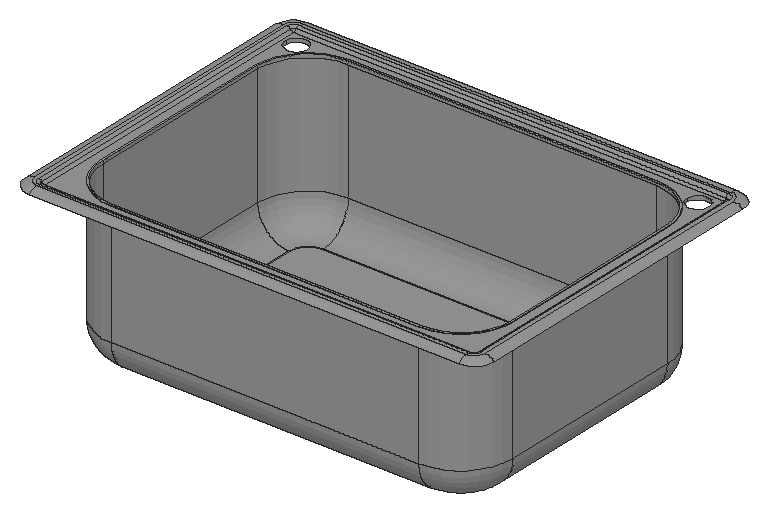
Revit family "MIT-45MS", category Generic Models, host Face, Revit 2013
Parameters
  Default Elevation = 1219.2 mm
Reference planes
  plane 1 "Center (Front/Back)": y = 0
  plane 2: z = 0
  plane 3 "Center (Left/Right)": x = 0
Forms (mm)
  Sweep 1, solid, material "Steel, Polished"
    path origin (0, 0, 0) x (1, 0, 0) y (0, 1, 0)
      loop
        arc (-289, 210) -> (-289.707, 209.707) -> (-290, 209) r 1
        line (-290, 209) -> (-290, -209)
        arc (-290, -209) -> (-289.707, -209.707) -> (-289, -210) r 1
        line (-289, -210) -> (289, -210)
        arc (289, -210) -> (289.707, -209.707) -> (290, -209) r 1
        line (290, -209) -> (290, 209)
        arc (290, 209) -> (289.707, 209.707) -> (289, 210) r 1
        line (289, 210) -> (-289, 210)
    profile origin (0, 210, 0) x (0, 1, 0) y (0, 0, 1)
      loop
        arc (25.095, 0) -> (19.429, 3.789) -> (12.72, 5) r 16.713
        line (12.72, 5) -> (7.72, 5)
        arc (7.72, 5) -> (5.375, 4.393) -> (3.617, 2.726) r 4.838
        arc (3.617, 2.726) -> (2.061, 1.028) -> (0, 0) r 6.319
        line (0, 0) -> (25.095, 0)
  Extrusion 2, void
    sketch origin (0, 0, 0) x (1, 0, 0) y (0, 1, 0)
      loop
        line (-305, 224) -> (-305, -224) -> (305, -224) -> (305, 224) -> (-305, 224)
    from -444.428 to 250
  Sweep 3, solid, material "Steel, Polished"
    path origin (0, 0, 0) x (1, 0, 0) y (0, 1, 0)
      loop
        arc (-277, -130) -> (-256.497, -179.497) -> (-207, -200) r 70
        line (-207, -200) -> (207, -200)
        arc (207, -200) -> (256.497, -179.497) -> (277, -130) r 70
        line (277, -130) -> (277, 130)
        arc (277, 130) -> (256.497, 179.497) -> (207, 200) r 70
        line (207, 200) -> (-207, 200)
        arc (-207, 200) -> (-256.497, 179.497) -> (-277, 130) r 70
        line (-277, 130) -> (-277, -130)
    profile origin (-277, 0, 0) x (-1, 0, 0) y (0, 0, 1)
      loop
        line (0, 0) -> (-2, 0) -> (-2, -165)
        arc (-2, -165) -> (-14.594, -195.406) -> (-45, -208) r 43
        line (-45, -208) -> (-45, -210)
        arc (-45, -210) -> (-13.18, -196.82) -> (0, -165) r 45
        line (0, -165) -> (0, 0)
  Extrusion 4, solid, material "Steel, Polished"
    sketch origin (0, 0, 0) x (1, 0, 0) y (0, 1, 0)
      loop
        line (-232, 130) -> (-232, -130)
        arc (-232, -130) -> (-224.678, -147.678) -> (-207, -155) r 25
        line (-207, -155) -> (207, -155)
        arc (207, -155) -> (224.678, -147.678) -> (232, -130) r 25
        line (232, -130) -> (232, 130)
        arc (232, 130) -> (224.678, 147.678) -> (207, 155) r 25
        line (207, 155) -> (-207, 155)
        arc (-207, 155) -> (-224.678, 147.678) -> (-232, 130) r 25
    from -208 to -210
  Extrusion 5, solid, material "Steel, Polished"
    sketch origin (0, 0, 0) x (1, 0, 0) y (0, 1, 0)
      loop
        arc (-290, -209) -> (-289.707, -209.707) -> (-289, -210) r 1
        line (-289, -210) -> (289, -210)
        arc (289, -210) -> (289.707, -209.707) -> (290, -209) r 1
        line (290, -209) -> (290, 209)
        arc (290, 209) -> (289.707, 209.707) -> (289, 210) r 1
        line (289, 210) -> (-289, 210)
        arc (-289, 210) -> (-289.707, 209.707) -> (-290, 209) r 1
        line (-290, 209) -> (-290, -209)
      loop
        line (-275, 130) -> (-275, -130)
        arc (-275, -130) -> (-255.083, -178.083) -> (-207, -198) r 68
        line (-207, -198) -> (207, -198)
        arc (207, -198) -> (255.083, -178.083) -> (275, -130) r 68
        line (275, -130) -> (275, 130)
        arc (275, 130) -> (255.083, 178.083) -> (207, 198) r 68
        line (207, 198) -> (-207, 198)
        arc (-207, 198) -> (-255.083, 178.083) -> (-275, 130) r 68
    from 0 to -4.172
  Extrusion 6, solid, material "Steel, Polished"
    sketch origin (0, 17.295, 0) x (1, 0, 0) y (0, 1, 0)
      loop
        circle (0, -17.295) r 35
      loop
        circle (0, -17.295) r 25
    from -207.24 to -210
  Extrusion 7, void
    sketch origin (0, 17.295, 0) x (1, 0, 0) y (0, 1, 0)
      loop
        line (-6.47, 6.853) -> (-1.294, -12.466)
        arc (-1.294, -12.466) -> (-0.653, -12.338) -> (0, -12.295) r 5
        line (0, -12.295) -> (0, 7.705)
        arc (0, 7.705) -> (-3.263, 7.491) -> (-6.47, 6.853) r 25
    from -91.216 to -445.062
  Extrusion 8, void
    sketch origin (8.648, 14.978, 0) x (0.866025, -0.5, 0) y (0.5, 0.866025, 0)
      loop
        line (-6.47, 6.853) -> (-1.294, -12.466)
        arc (-1.294, -12.466) -> (-0.653, -12.338) -> (0, -12.295) r 5
        line (0, -12.295) -> (0, 7.705)
        arc (0, 7.705) -> (-3.263, 7.491) -> (-6.47, 6.853) r 25
    from -91.216 to -445.062
  Extrusion 9, void
    sketch origin (-8.648, 14.978, 0) x (0.866025, 0.5, 0) y (-0.5, 0.866025, 0)
      loop
        line (-6.47, 6.853) -> (-1.294, -12.466)
        arc (-1.294, -12.466) -> (-0.653, -12.338) -> (0, -12.295) r 5
        line (0, -12.295) -> (0, 7.705)
        arc (0, 7.705) -> (-3.263, 7.491) -> (-6.47, 6.853) r 25
    from -91.216 to -445.062
  Extrusion 10, void
    sketch origin (-14.978, 8.648, 0) x (0.5, 0.866025, 0) y (-0.866025, 0.5, 0)
      loop
        line (-6.47, 6.853) -> (-1.294, -12.466)
        arc (-1.294, -12.466) -> (-0.653, -12.338) -> (0, -12.295) r 5
        line (0, -12.295) -> (0, 7.705)
        arc (0, 7.705) -> (-3.263, 7.491) -> (-6.47, 6.853) r 25
    from -91.216 to -445.062
  Extrusion 11, void
    sketch origin (-17.295, 0, 0) x (0, 1, 0) y (-1, 0, 0)
      loop
        line (-6.47, 6.853) -> (-1.294, -12.466)
        arc (-1.294, -12.466) -> (-0.653, -12.338) -> (0, -12.295) r 5
        line (0, -12.295) -> (0, 7.705)
        arc (0, 7.705) -> (-3.263, 7.491) -> (-6.47, 6.853) r 25
    from -91.216 to -445.062
  Extrusion 12, void
    sketch origin (-14.978, -8.648, 0) x (-0.5, 0.866025, 0) y (-0.866025, -0.5, 0)
      loop
        line (-6.47, 6.853) -> (-1.294, -12.466)
        arc (-1.294, -12.466) -> (-0.653, -12.338) -> (0, -12.295) r 5
        line (0, -12.295) -> (0, 7.705)
        arc (0, 7.705) -> (-3.263, 7.491) -> (-6.47, 6.853) r 25
    from -91.216 to -445.062
  Extrusion 13, void
    sketch origin (-8.648, -14.978, 0) x (-0.866025, 0.5, 0) y (-0.5, -0.866025, 0)
      loop
        line (-6.47, 6.853) -> (-1.294, -12.466)
        arc (-1.294, -12.466) -> (-0.653, -12.338) -> (0, -12.295) r 5
        line (0, -12.295) -> (0, 7.705)
        arc (0, 7.705) -> (-3.263, 7.491) -> (-6.47, 6.853) r 25
    from -91.216 to -445.062
  Extrusion 14, void
    sketch origin (0, -17.295, 0) x (-1, 0, 0) y (0, -1, 0)
      loop
        line (-6.47, 6.853) -> (-1.294, -12.466)
        arc (-1.294, -12.466) -> (-0.653, -12.338) -> (0, -12.295) r 5
        line (0, -12.295) -> (0, 7.705)
        arc (0, 7.705) -> (-3.263, 7.491) -> (-6.47, 6.853) r 25
    from -91.216 to -445.062
  Extrusion 15, void
    sketch origin (8.648, -14.978, 0) x (-0.866025, -0.5, 0) y (0.5, -0.866025, 0)
      loop
        line (-6.47, 6.853) -> (-1.294, -12.466)
        arc (-1.294, -12.466) -> (-0.653, -12.338) -> (0, -12.295) r 5
        line (0, -12.295) -> (0, 7.705)
        arc (0, 7.705) -> (-3.263, 7.491) -> (-6.47, 6.853) r 25
    from -91.216 to -445.062
  Extrusion 16, void
    sketch origin (14.978, -8.648, 0) x (-0.5, -0.866025, 0) y (0.866025, -0.5, 0)
      loop
        line (-6.47, 6.853) -> (-1.294, -12.466)
        arc (-1.294, -12.466) -> (-0.653, -12.338) -> (0, -12.295) r 5
        line (0, -12.295) -> (0, 7.705)
        arc (0, 7.705) -> (-3.263, 7.491) -> (-6.47, 6.853) r 25
    from -91.216 to -445.062
  Extrusion 17, void
    sketch origin (17.295, 0, 0) x (0, -1, 0) y (1, 0, 0)
      loop
        line (-6.47, 6.853) -> (-1.294, -12.466)
        arc (-1.294, -12.466) -> (-0.653, -12.338) -> (0, -12.295) r 5
        line (0, -12.295) -> (0, 7.705)
        arc (0, 7.705) -> (-3.263, 7.491) -> (-6.47, 6.853) r 25
    from -91.216 to -445.062
  Extrusion 18, void
    sketch origin (14.978, 8.648, 0) x (0.5, -0.866025, 0) y (0.866025, 0.5, 0)
      loop
        line (-6.47, 6.853) -> (-1.294, -12.466)
        arc (-1.294, -12.466) -> (-0.653, -12.338) -> (0, -12.295) r 5
        line (0, -12.295) -> (0, 7.705)
        arc (0, 7.705) -> (-3.263, 7.491) -> (-6.47, 6.853) r 25
    from -91.216 to -445.062
  Extrusion 19, void
    sketch origin (-28.75, 4.125, 0) x (-1, 0, 0) y (0, -1, 0)
      loop
        circle (241.25, -185.875) r 15
    from 43.955 to -93.624
  Extrusion 20, void
    sketch origin (28.75, 4.125, 0) x (1, 0, 0) y (0, 1, 0)
      loop
        circle (241.25, 185.875) r 15
    from 43.955 to -93.624
Cuts and joins
  Extrusion 19, Extrusion 20 cuts Extrusion 5
  Extrusion 7, Extrusion 8, Extrusion 9, Extrusion 10, Extrusion 11, Extrusion 12, Extrusion 13, Extrusion 14, Extrusion 15, Extrusion 16, Extrusion 17, Extrusion 18 cuts Extrusion 4
  Extrusion 8, Extrusion 9, Extrusion 10, Extrusion 11, Extrusion 12, Extrusion 13, Extrusion 14, Extrusion 15, Extrusion 16, Extrusion 17, Extrusion 18 cuts Extrusion 6
Lines and regions (mm)
  reference lines
    curve 1: line (0, 2097.409, 5) -> (0, -3902.591, 5)
    curve 2: line (-1599.2, 0, -2) -> (3900.8, 0, -2)
    curve 3: line (-1599.2, 0, 5) -> (3900.8, 0, 5)
    curve 4: line (-1599.2, 0, -210) -> (3900.8, 0, -210)
Dimensions and locks
  aligned and locked: plane 2 to host face
  aligned and locked: level to host face
